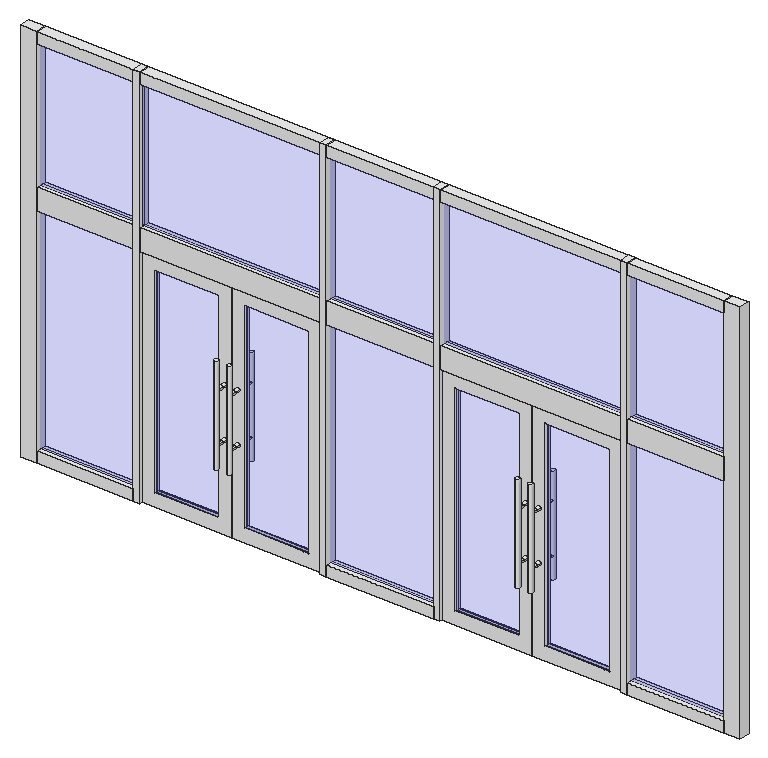
Revit family
Parameters (values of type "방풍실 문")
  핸들 = 상자 핸들
  프레임 = ""
  2프레임 = 상자 프레임
  모서리 = 상자 모서리
  철물 = ""
  Assembly Code = ""
  유리/마감 = ""
  유리 = 상자 유리
  위치/개소 = ""
  부호 = "2/AD"
  문번호 = "2"
  문기호 = "AD"
Reference planes
  plane 1 "중심(앞/뒤)": y = -217
  plane 2: z = 0
  plane 3 "중심(왼쪽/오른쪽)": x = 96.47
  plane 4: y = 1386
  plane 5: y = -138.847
  plane 6: y = -295.153
  plane 7: x = 3446.47
  plane 8: x = -3253.53
  plane 9: z = 100
  plane 10: z = 2100
  plane 11: z = 2300
  plane 12: z = 3500
  plane 13: z = 3600
  plane 14: x = 3296.47
  plane 15: y = -267
  plane 16: y = -167
  plane 17: y = -229.5
  plane 18: y = -204.5
  plane 19: x = -3103.53
  plane 20: x = 2336.47
  plane 21: x = 656.47
  plane 22: x = -2143.53
  plane 23: x = -463.53
  plane 24: x = 3371.47
  plane 25: x = -3178.53
  plane 26: x = -403.951
  plane 27: x = -1303.53
  plane 28: x = -1243.53
  plane 29: x = -1363.53
  plane 30: z = -300
  plane 31: z = 600.009
  plane 32: z = 1500.009
  plane 33: x = -2203.53
  plane 34: x = 596.461
  plane 35: x = 2396.47
  plane 36: x = 1496.615
Forms (mm)
  Extrusion 1, solid, material "상자 프레임" <- "2프레임"
    sketch origin (298.47, -1620.377, 0) x (0, -1, 0) y (1, 0, 0)
      loop
        line (-1453.377, 2998) -> (-1353.377, 2998) -> (-1353.377, 3148) -> (-1453.377, 3148) -> (-1453.377, 2998)
      loop
        line (-1453.377, 297.991) -> (-1353.377, 297.991) -> (-1353.377, 358) -> (-1453.377, 358) -> (-1453.377, 297.991)
      loop
        line (-1453.377, 2038) -> (-1353.377, 2038) -> (-1353.377, 2098) -> (-1453.377, 2098) -> (-1453.377, 2038)
    from 0 to 3600
  Extrusion 2, solid, material "상자 프레임" <- "2프레임"
    sketch origin (313.47, -1620.377, 0) x (0, -1, 0) y (1, 0, 0)
      loop
        line (-1453.377, 2983) -> (-1453.377, 2083) -> (-1353.377, 2083) -> (-1353.377, 2983) -> (-1453.377, 2983)
      loop
        line (-1453.377, -717.421) -> (-1353.377, -717.421) -> (-1353.377, 282.991) -> (-1453.377, 282.991) -> (-1453.377, -717.421)
    from 0 to 100
  Extrusion 3, solid, material "상자 프레임" <- "2프레임"
    sketch origin (313.47, -1620.377, 0) x (0, -1, 0) y (1, 0, 0)
      loop
        line (-1453.377, 2983) -> (-1453.377, -3417) -> (-1353.377, -3417) -> (-1353.377, 2983) -> (-1453.377, 2983)
    from 2100 to 2300
  Extrusion 4, solid, material "상자 프레임" <- "2프레임"
    sketch origin (313.47, -1620.377, -600) x (0, -1, 0) y (1, 0, 0)
      loop
        line (-1453.377, 2983) -> (-1453.377, -3417) -> (-1353.377, -3417) -> (-1353.377, 2983) -> (-1453.377, 2983)
    from 4100 to 4200
  Extrusion 5, solid, material "상자 유리" <- "유리"
    sketch origin (313.47, -1620.377, 0) x (0, -1, 0) y (1, 0, 0)
      loop
        line (-1415.877, 2083) -> (-1390.877, 2083) -> (-1390.877, 2983) -> (-1415.877, 2983) -> (-1415.877, 2083)
      loop
        line (-1415.877, -717.421) -> (-1390.877, -717.421) -> (-1390.877, 282.991) -> (-1415.877, 282.991) -> (-1415.877, -717.421)
    from 100 to 2100
  Extrusion 6, solid, material "상자 유리" <- "유리"
    sketch origin (-606.53, -1620.377, 0) x (0, -1, 0) y (1, 0, 0)
      loop
        line (-1415.877, 1263) -> (-1390.877, 1263) -> (-1390.877, 2103.145) -> (-1415.877, 2103.145) -> (-1415.877, 1263)
    from 0 to 2100
  Extrusion 7, solid, material "상자 유리" <- "유리"
    sketch origin (263.615, -1620.377, 0) x (0, -1, 0) y (1, 0, 0)
      loop
        line (-1415.877, 1233) -> (-1390.877, 1233) -> (-1390.877, 2073.145) -> (-1415.877, 2073.145) -> (-1415.877, 1233)
    from 0 to 2100
  Extrusion 8, solid, material "상자 유리" <- "유리"
    sketch origin (313.47, -1620.377, 0) x (0, -1, 0) y (1, 0, 0)
      loop
        line (-1415.877, 2083) -> (-1390.877, 2083) -> (-1390.877, 2983) -> (-1415.877, 2983) -> (-1415.877, 2083)
      loop
        line (-1415.877, 343) -> (-1390.877, 343) -> (-1390.877, 2023) -> (-1415.877, 2023) -> (-1415.877, 343)
      loop
        line (-1415.877, -717.421) -> (-1390.877, -717.421) -> (-1390.877, 282.991) -> (-1415.877, 282.991) -> (-1415.877, -717.421)
    from 2300 to 3500
  Extrusion 9, solid, material "상자 핸들" <- "핸들"
    sketch origin (4139.284, -292, 34.492) x (-1, 0, 0) y (0, 0, -1)
      loop
        circle (2577.69, -760.508) r 15
    from -47.5 to 0
  Extrusion 10, solid, material "상자 핸들" <- "핸들"
    sketch origin (4017.595, -292, 34.492) x (-1, 0, 0) y (0, 0, -1)
      loop
        circle (2577.69, -760.508) r 15
    from -47.5 to 0
  Sweep 11, solid, material "상자 모서리" <- "모서리"
    path origin (1768.47, -229.5, 0) x (1, 0, 0) y (0, 0, 1)
      loop
        line (-1112, 0) -> (-271.855, 0) -> (-271.855, 2100) -> (-1112, 2100) -> (-1112, 0)
    profile origin (656.47, -229.5, 1050) x (-1, 0, 0) y (0, -1, 0)
      loop
        line (0, 0) -> (0, 15) -> (-120, 15) -> (-120, 0) -> (0, 0)
  Sweep 12, solid, material "상자 모서리" <- "모서리"
    path origin (863.47, -189.5, 0) x (1, 0, 0) y (0, 0, 1)
      loop
        line (-207, 0) -> (633.145, 0) -> (633.145, 2100) -> (-207, 2100) -> (-207, 0)
    profile origin (656.47, -189.5, 1050) x (-1, 0, 0) y (0, -1, 0)
      loop
        line (0, 0) -> (0, 15) -> (-120, 15) -> (-120, 0) -> (0, 0)
  Sweep 13, solid, material "상자 모서리" <- "모서리"
    path origin (1763.615, -189.5, 0) x (1, 0, 0) y (0, 0, 1)
      loop
        line (-267, 0) -> (573.145, 0) -> (573.145, 2100) -> (-267, 2100) -> (-267, 0)
    profile origin (1496.615, -189.5, 1050) x (-1, 0, 0) y (0, -1, 0)
      loop
        line (0, 0) -> (0, 15) -> (-120, 15) -> (-120, 0) -> (0, 0)
  Sweep 14, solid, material "상자 모서리" <- "모서리"
    path origin (1763.615, -229.5, 0) x (1, 0, 0) y (0, 0, 1)
      loop
        line (-267, 0) -> (573.145, 0) -> (573.145, 2100) -> (-267, 2100) -> (-267, 0)
    profile origin (1496.615, -229.5, 1050) x (-1, 0, 0) y (0, -1, 0)
      loop
        line (0, 0) -> (0, 15) -> (-120, 15) -> (-120, 0) -> (0, 0)
  Blend 15, solid, material "상자 핸들" <- "핸들"
    base sketch origin (4045.905, -292, -1440) x (-1, 0, 0) y (0, 0, -1)
      loop
        circle (2606, -2235) r 15
    top sketch origin (4045.905, -292, -1440) x (-1, 0, 0) y (0, 0, -1)
      loop
        circle (2606, -2235) r 10
    from 0 to 40
  Blend 16, solid, material "상자 핸들" <- "핸들"
    base sketch origin (4167.595, -292, -1440) x (-1, 0, 0) y (0, 0, -1)
      loop
        circle (2606, -2235) r 15
    top sketch origin (4167.595, -292, -1440) x (-1, 0, 0) y (0, 0, -1)
      loop
        circle (2606, -2235) r 10
    from 0 to 40
  Extrusion 17, solid, material "상자 핸들" <- "핸들"
    sketch origin (5139.284, -142, 774.492) x (-1, 0, 0) y (0, 0, 1)
      loop
        circle (3577.69, 480.508) r 15
    from -47.5 to 0
  Extrusion 18, solid, material "상자 핸들" <- "핸들"
    sketch origin (5017.595, -142, 774.492) x (-1, 0, 0) y (0, 0, 1)
      loop
        circle (3577.69, 480.508) r 15
    from -47.5 to 0
  Blend 19, solid, material "상자 핸들" <- "핸들"
    base sketch origin (5167.595, -142, -700) x (-1, 0, 0) y (0, 0, 1)
      loop
        circle (3606, 1955) r 15
    top sketch origin (5167.595, -142, -700) x (-1, 0, 0) y (0, 0, 1)
      loop
        circle (3606, 1955) r 10
    from 0 to 40
  Blend 20, solid, material "상자 핸들" <- "핸들"
    base sketch origin (5045.905, -142, -700) x (-1, 0, 0) y (0, 0, 1)
      loop
        circle (3606, 1955) r 15
    top sketch origin (5045.905, -142, -700) x (-1, 0, 0) y (0, 0, 1)
      loop
        circle (3606, 1955) r 10
    from 0 to 40
  Extrusion 21, solid, material "상자 핸들" <- "핸들"
    sketch origin (5139.284, -142, 34.492) x (-1, 0, 0) y (0, 0, 1)
      loop
        circle (3577.69, 760.508) r 15
    from -47.5 to 0
  Extrusion 22, solid, material "상자 핸들" <- "핸들"
    sketch origin (5017.595, -142, 34.492) x (-1, 0, 0) y (0, 0, 1)
      loop
        circle (3577.69, 760.508) r 15
    from -47.5 to 0
  Blend 23, solid, material "상자 핸들" <- "핸들"
    base sketch origin (5045.905, -142, -1440) x (-1, 0, 0) y (0, 0, 1)
      loop
        circle (3606, 2235) r 15
    top sketch origin (5045.905, -142, -1440) x (-1, 0, 0) y (0, 0, 1)
      loop
        circle (3606, 2235) r 10
    from 0 to 40
  Blend 24, solid, material "상자 핸들" <- "핸들"
    base sketch origin (5167.595, -142, -1440) x (-1, 0, 0) y (0, 0, 1)
      loop
        circle (3606, 2235) r 15
    top sketch origin (5167.595, -142, -1440) x (-1, 0, 0) y (0, 0, 1)
      loop
        circle (3606, 2235) r 10
    from 0 to 40
  Extrusion 25, solid, material "상자 프레임" <- "2프레임"
    sketch origin (328.47, -1620.377, 0) x (0, -1, 0) y (1, 0, 0)
      loop
        line (-1453.377, -3432) -> (-1453.377, -3582) -> (-1353.377, -3582) -> (-1353.377, -3432) -> (-1453.377, -3432)
      loop
        line (-1453.377, -2472) -> (-1453.377, -2532) -> (-1353.377, -2532) -> (-1353.377, -2472) -> (-1453.377, -2472)
      loop
        line (-1453.377, -732.421) -> (-1453.377, -792) -> (-1353.377, -792) -> (-1353.377, -732.421) -> (-1453.377, -732.421)
    from 0 to 3600
  Extrusion 26, solid, material "상자 프레임" <- "2프레임"
    sketch origin (313.47, -1620.377, 0) x (0, -1, 0) y (1, 0, 0)
      loop
        line (-1453.377, -3417) -> (-1353.377, -3417) -> (-1353.377, -2517) -> (-1453.377, -2517) -> (-1453.377, -3417)
    from 0 to 100
  Extrusion 27, solid, material "상자 유리" <- "유리"
    sketch origin (313.47, -1620.377, 0) x (0, -1, 0) y (1, 0, 0)
      loop
        line (-1415.877, -2517) -> (-1415.877, -3417) -> (-1390.877, -3417) -> (-1390.877, -2517) -> (-1415.877, -2517)
    from 100 to 2100
  Extrusion 28, solid, material "상자 유리" <- "유리"
    sketch origin (833.765, -1620.377, 0) x (0, -1, 0) y (1, 0, 0)
      loop
        line (-1415.877, -1297) -> (-1415.877, -2137.295) -> (-1390.877, -2137.295) -> (-1390.877, -1297) -> (-1415.877, -1297)
    from 0 to 2100
  Extrusion 29, solid, material "상자 유리" <- "유리"
    sketch origin (-36.38, -1620.377, 0) x (0, -1, 0) y (1, 0, 0)
      loop
        line (-1415.877, -1267.15) -> (-1415.877, -2107.145) -> (-1390.877, -2107.145) -> (-1390.877, -1267.15) -> (-1415.877, -1267.15)
    from 0 to 2100
  Extrusion 30, solid, material "상자 유리" <- "유리"
    sketch origin (313.47, -1620.377, 0) x (0, -1, 0) y (1, 0, 0)
      loop
        line (-1415.877, -2517) -> (-1415.877, -3417) -> (-1390.877, -3417) -> (-1390.877, -2517) -> (-1415.877, -2517)
      loop
        line (-1415.877, -776.705) -> (-1415.877, -2456.995) -> (-1390.877, -2456.995) -> (-1390.877, -776.705) -> (-1415.877, -776.705)
    from 2300 to 3500
  Extrusion 31, solid, material "상자 핸들" <- "핸들"
    sketch origin (-5098.22, -292, -34.492) x (1, 0, 0) y (0, 0, 1)
      loop
        circle (3733.54, 829.492) r 15
    from -47.5 to 0
  Extrusion 32, solid, material "상자 핸들" <- "핸들"
    sketch origin (-5098.22, -292, -2174.492) x (1, 0, 0) y (0, 0, 1)
      loop
        circle (3733.54, 3429.492) r 15
    from -47.5 to 0
  Extrusion 33, solid, material "상자 핸들" <- "핸들"
    sketch origin (-4976.53, -292, -34.492) x (1, 0, 0) y (0, 0, 1)
      loop
        circle (3733.055, 829.492) r 15
    from -47.5 to 0
  Extrusion 34, solid, material "상자 핸들" <- "핸들"
    sketch origin (-4976.53, -292, -2174.492) x (1, 0, 0) y (0, 0, 1)
      loop
        circle (3733.055, 3429.492) r 15
    from -47.5 to 0
  Sweep 35, solid, material "상자 모서리" <- "모서리"
    path origin (-85.94, -229.5, 0) x (-1, 0, 0) y (0, 0, -1)
      loop
        line (377.295, 0) -> (377.295, -2100) -> (1217.59, -2100) -> (1217.59, 0) -> (377.295, 0)
    profile origin (-463.235, -229.5, 1050) x (-1, 0, 0) y (0, -1, 0)
      loop
        line (0, 0) -> (120, 0) -> (120, 15) -> (0, 15) -> (0, 0)
  Sweep 36, solid, material "상자 모서리" <- "모서리"
    path origin (-636.235, -189.5, 0) x (-1, 0, 0) y (0, 0, -1)
      loop
        line (-173, 0) -> (-173, -2100) -> (667.295, -2100) -> (667.295, 0) -> (-173, 0)
    profile origin (-463.235, -189.5, 1050) x (-1, 0, 0) y (0, -1, 0)
      loop
        line (0, 0) -> (120, 0) -> (120, 15) -> (0, 15) -> (0, 0)
  Sweep 37, solid, material "상자 모서리" <- "모서리"
    path origin (-1536.38, -189.5, 0) x (-1, 0, 0) y (0, 0, -1)
      loop
        line (-232.85, 0) -> (-232.85, -2100) -> (607.145, -2100) -> (607.145, 0) -> (-232.85, 0)
    profile origin (-1303.53, -189.5, 1050) x (-1, 0, 0) y (0, -1, 0)
      loop
        line (0, 0) -> (120, 0) -> (120, 15) -> (0, 15) -> (0, 0)
  Sweep 38, solid, material "상자 모서리" <- "모서리"
    path origin (-1536.38, -229.5, 0) x (-1, 0, 0) y (0, 0, -1)
      loop
        line (-232.85, 0) -> (-232.85, -2100) -> (607.145, -2100) -> (607.145, 0) -> (-232.85, 0)
    profile origin (-1303.53, -229.5, 1050) x (-1, 0, 0) y (0, -1, 0)
      loop
        line (0, 0) -> (120, 0) -> (120, 15) -> (0, 15) -> (0, 0)
  Blend 39, solid, material "상자 핸들" <- "핸들"
    base sketch origin (-5126.53, -292, -700) x (1, 0, 0) y (0, 0, 1)
      loop
        circle (3761.85, 1955) r 15
    top sketch origin (-5126.53, -292, -700) x (1, 0, 0) y (0, 0, 1)
      loop
        circle (3761.85, 1955) r 10
    from 0 to 40
  Blend 40, solid, material "상자 핸들" <- "핸들"
    base sketch origin (-5004.84, -292, -700) x (1, 0, 0) y (0, 0, 1)
      loop
        circle (3761.366, 1955) r 15
    top sketch origin (-5004.84, -292, -700) x (1, 0, 0) y (0, 0, 1)
      loop
        circle (3761.366, 1955) r 10
    from 0 to 40
  Blend 41, solid, material "상자 핸들" <- "핸들"
    base sketch origin (-5004.84, -292, 1440) x (1, 0, 0) y (0, 0, 1)
      loop
        circle (3761.366, -645) r 15
    top sketch origin (-5004.84, -292, 1440) x (1, 0, 0) y (0, 0, 1)
      loop
        circle (3761.366, -645) r 10
    from 0 to 40
  Blend 42, solid, material "상자 핸들" <- "핸들"
    base sketch origin (-5126.53, -292, 1440) x (1, 0, 0) y (0, 0, 1)
      loop
        circle (3761.85, -645) r 15
    top sketch origin (-5126.53, -292, 1440) x (1, 0, 0) y (0, 0, 1)
      loop
        circle (3761.85, -645) r 10
    from 0 to 40
  Extrusion 43, solid, material "상자 핸들" <- "핸들"
    sketch origin (-4698.22, -142, 774.492) x (1, 0, 0) y (0, 0, -1)
      loop
        circle (3333.54, -480.508) r 15
    from -47.5 to 0
  Extrusion 44, solid, material "상자 핸들" <- "핸들"
    sketch origin (-4576.53, -142, 774.492) x (1, 0, 0) y (0, 0, -1)
      loop
        circle (3333.055, -480.508) r 15
    from -47.5 to 0
  Blend 45, solid, material "상자 핸들" <- "핸들"
    base sketch origin (-4726.53, -142, -700) x (1, 0, 0) y (0, 0, -1)
      loop
        circle (3361.85, -1955) r 15
    top sketch origin (-4726.53, -142, -700) x (1, 0, 0) y (0, 0, -1)
      loop
        circle (3361.85, -1955) r 10
    from 0 to 40
  Blend 46, solid, material "상자 핸들" <- "핸들"
    base sketch origin (-4604.84, -142, -700) x (1, 0, 0) y (0, 0, -1)
      loop
        circle (3361.366, -1955) r 15
    top sketch origin (-4604.84, -142, -700) x (1, 0, 0) y (0, 0, -1)
      loop
        circle (3361.366, -1955) r 10
    from 0 to 40
  Extrusion 47, solid, material "상자 핸들" <- "핸들"
    sketch origin (-4698.22, -142, 34.492) x (1, 0, 0) y (0, 0, -1)
      loop
        circle (3333.54, -760.508) r 15
    from -47.5 to 0
  Extrusion 48, solid, material "상자 핸들" <- "핸들"
    sketch origin (-4576.53, -142, 34.492) x (1, 0, 0) y (0, 0, -1)
      loop
        circle (3333.055, -760.508) r 15
    from -47.5 to 0
  Blend 49, solid, material "상자 핸들" <- "핸들"
    base sketch origin (-4604.84, -142, -1440) x (1, 0, 0) y (0, 0, -1)
      loop
        circle (3361.366, -2235) r 15
    top sketch origin (-4604.84, -142, -1440) x (1, 0, 0) y (0, 0, -1)
      loop
        circle (3361.366, -2235) r 10
    from 0 to 40
  Blend 50, solid, material "상자 핸들" <- "핸들"
    base sketch origin (-4726.53, -142, -1440) x (1, 0, 0) y (0, 0, -1)
      loop
        circle (3361.85, -2235) r 15
    top sketch origin (-4726.53, -142, -1440) x (1, 0, 0) y (0, 0, -1)
      loop
        circle (3361.85, -2235) r 10
    from 0 to 40
  Extrusion 51, solid, material "상자 핸들" <- "핸들"
    sketch origin (5139.284, -292, 774.492) x (-1, 0, 0) y (0, 0, -1)
      loop
        circle (3577.69, -480.508) r 15
    from -47.5 to 0
  Extrusion 52, solid, material "상자 핸들" <- "핸들"
    sketch origin (5017.595, -292, 774.492) x (-1, 0, 0) y (0, 0, -1)
      loop
        circle (3577.69, -480.508) r 15
    from -47.5 to 0
  Blend 53, solid, material "상자 핸들" <- "핸들"
    base sketch origin (5167.595, -292, -700) x (-1, 0, 0) y (0, 0, -1)
      loop
        circle (3606, -1955) r 15
    top sketch origin (5167.595, -292, -700) x (-1, 0, 0) y (0, 0, -1)
      loop
        circle (3606, -1955) r 10
    from 0 to 40
  Blend 54, solid, material "상자 핸들" <- "핸들"
    base sketch origin (5045.905, -292, -700) x (-1, 0, 0) y (0, 0, -1)
      loop
        circle (3606, -1955) r 15
    top sketch origin (5045.905, -292, -700) x (-1, 0, 0) y (0, 0, -1)
      loop
        circle (3606, -1955) r 10
    from 0 to 40
  Extrusion 55, solid, material "상자 핸들" <- "핸들"
    sketch origin (313.47, -140.6, 0) x (0, -1, 0) y (1, 0, 0)
      loop
        circle (204.022, 1248.467) r 20
    from 600.009 to 1500.009
  Extrusion 56, solid, material "상자 핸들" <- "핸들"
    sketch origin (313.47, -291.752, 0) x (0, 1, 0) y (-1, 0, 0)
      loop
        circle (204.022, -1248.467) r 20
    from 600.009 to 1500.009
  Extrusion 57, solid, material "상자 핸들" <- "핸들"
    sketch origin (2788.51, -140.6, 0) x (0, -1, 0) y (1, 0, 0)
      loop
        circle (204.022, -1348.467) r 20
    from 600.009 to 1500.009
  Extrusion 58, solid, material "상자 핸들" <- "핸들"
    sketch origin (2788.51, -291.752, 0) x (0, 1, 0) y (-1, 0, 0)
      loop
        circle (204.022, 1348.467) r 20
    from 600.009 to 1500.009
  Extrusion 59, solid, material "상자 핸들" <- "핸들"
    sketch origin (-118.03, -140.6, 0) x (0, -1, 0) y (1, 0, 0)
      loop
        circle (204.022, -1248.467) r 20
    from 600.009 to 1500.009
  Extrusion 60, solid, material "상자 핸들" <- "핸들"
    sketch origin (-118.03, -291.752, 0) x (0, 1, 0) y (-1, 0, 0)
      loop
        circle (204.022, 1248.467) r 20
    from 600.009 to 1500.009
  Extrusion 61, solid, material "상자 핸들" <- "핸들"
    sketch origin (-2593.069, -140.6, 0) x (0, -1, 0) y (1, 0, 0)
      loop
        circle (204.022, 1348.467) r 20
    from 600.009 to 1500.009
  Extrusion 62, solid, material "상자 핸들" <- "핸들"
    sketch origin (-2593.069, -291.752, 0) x (0, 1, 0) y (-1, 0, 0)
      loop
        circle (204.022, -1348.467) r 20
    from 600.009 to 1500.009
Cuts and joins
  joined: Extrusion 10, Blend 15
  joined: Extrusion 1, Extrusion 25
Lines and regions (mm)
  symbolic lines
    curve 1: line (3746.47, 1386, 3600) -> (-3553.53, 1386, 3600)
    curve 2: line (-3248.53, 1386, 3595) -> (-3248.53, 1386, 5)
    curve 3: line (3451.47, 1386, 0) -> (3451.47, 1386, 3605)
    curve 4: line (3441.47, 1386, 5) -> (-3248.53, 1386, 5)
    curve 5: line (3451.47, 1386, 3605) -> (-3258.53, 1386, 3605)
    curve 6: line (3441.47, 1386, 3595) -> (-3248.53, 1386, 3595)
    curve 7: line (-3253.53, 1386, 3900) -> (-3253.53, 1386, -300)
    curve 8: line (-3258.53, 1386, 3605) -> (-3258.53, 1386, 0)
    curve 9: line (3746.47, 1386, 0) -> (-3553.53, 1386, 0)
    curve 10: line (3446.47, 1386, -300) -> (3446.47, 1386, 3900)
    curve 11: line (3441.47, 1386, 5) -> (3441.47, 1386, 3595)
    curve 12: line (-2143.53, -217, 0) -> (-2143.53, 623, 0)
    curve 13: line (-2143.53, 623, 0) -> (-2093.53, 623, 0)
    curve 14: line (-2093.53, 623, 0) -> (-2093.53, -217, 0)
    curve 15: arc (-2093.53, 623, 0) -> (-1531.627, 359.968, 0) -> (-1303.53, -217, 0) r 840
    curve 16: line (-2143.53, -217, 0) -> (-2143.53, -1057, 0)
    curve 17: line (-2143.53, -1057, 0) -> (-2093.53, -1057, 0)
    curve 18: line (-2093.53, -1057, 0) -> (-2093.53, -217, 0)
    curve 19: arc (-2093.53, -1057, 0) -> (-1531.627, -793.968, 0) -> (-1303.53, -217, 0) r 840
    curve 20: line (-463.53, -217, 0) -> (-463.53, 623, 0)
    curve 21: line (-463.53, 623, 0) -> (-513.53, 623, 0)
    curve 22: line (-513.53, 623, 0) -> (-513.53, -217, 0)
    curve 23: arc (-513.53, 623, 0) -> (-1075.433, 359.968, 0) -> (-1303.53, -217, 0) r 840
    curve 24: line (-463.53, -217, 0) -> (-463.53, -1057, 0)
    curve 25: line (-463.53, -1057, 0) -> (-513.53, -1057, 0)
    curve 26: line (-513.53, -1057, 0) -> (-513.53, -217, 0)
    curve 27: arc (-513.53, -1057, 0) -> (-1075.433, -793.968, 0) -> (-1303.53, -217, 0) r 840
    curve 28: line (2336.47, -217, 0) -> (2336.47, 623, 0)
    curve 29: line (2336.47, 623, 0) -> (2286.47, 623, 0)
    curve 30: line (2286.47, 623, 0) -> (2286.47, -217, 0)
    curve 31: arc (2286.47, 623, 0) -> (1724.567, 359.968, 0) -> (1496.47, -217, 0) r 840
    curve 32: line (2336.47, -217, 0) -> (2336.47, -1057, 0)
    curve 33: line (2336.47, -1057, 0) -> (2286.47, -1057, 0)
    curve 34: line (2286.47, -1057, 0) -> (2286.47, -217, 0)
    curve 35: arc (2286.47, -1057, 0) -> (1724.567, -793.968, 0) -> (1496.47, -217, 0) r 840
    curve 36: line (656.47, -217, 0) -> (656.47, 623, 0)
    curve 37: line (656.47, 623, 0) -> (706.47, 623, 0)
    curve 38: line (706.47, 623, 0) -> (706.47, -217, 0)
    curve 39: arc (706.47, 623, 0) -> (1268.373, 359.968, 0) -> (1496.47, -217, 0) r 840
    curve 40: line (656.47, -217, 0) -> (656.47, -1057, 0)
    curve 41: line (656.47, -1057, 0) -> (706.47, -1057, 0)
    curve 42: line (706.47, -1057, 0) -> (706.47, -217, 0)
    curve 43: arc (706.47, -1057, 0) -> (1268.373, -793.968, 0) -> (1496.47, -217, 0) r 840
Dimensions and locks
  plane 9 to plane 2 = 100 mm
  plane 10 to plane 2 = 2100 mm
  plane 11 to plane 2 = 2300 mm  (x2)
  plane 12 to plane 2 = 3500 mm
  plane 13 to plane 2 = 3600 mm
  locked: plane 8 to plane 19 at 150
  equal spacing: plane 8, plane 25, plane 19
  locked: plane 14 to plane 7 at 150
  equal spacing: plane 14, plane 24, plane 7
  locked: plane 23 to plane 26 at 59.579
  plane 29 to plane 27 to plane 28 = 60 mm locked, 60 mm locked
  locked: curve 9 to curve 4 at 5
  curve 3 to curve 10 to curve 11 = 5 mm locked, 5 mm locked
  curve 6 to curve 1 to curve 5 = 5 mm locked, 5 mm locked
  curve 2 to curve 7 to curve 8 = 5 mm locked, 5 mm locked
  locked: cut or joined group of Extrusion 1, Extrusion 25 to curve 9 at 300
  locked: curve 7 to curve 1 at 300
  locked: curve 1 to curve 10 at 300
  locked: curve 9 to curve 10 at 300
  plane 12 to plane 13 = 100 mm
  locked: cut or joined group of Extrusion 1, Extrusion 25 to plane 21 at 60.009
  plane 13 to plane 11 = 1300 mm
  cut or joined group of Extrusion 1, Extrusion 25 to cut or joined group of Extrusion 1, Extrusion 25 = 150 mm  (x2)
  curve 7 to curve 1 = 300 mm
  locked: curve 10 to curve 1 at 300
  plane 32 to plane 31 to plane 2 = 900 mm, 600.009 mm
  plane 8 to plane 33 = 1050 mm
  plane 33 to plane 26 = 1799.579 mm
  plane 26 to plane 34 = 1000.412 mm
  plane 34 to plane 35 = 1800.009 mm
  plane 35 to plane 7 = 1050 mm
  plane 8 to plane 7 = 6700 mm
  plane 33 to plane 27 to plane 26 = 900 mm, 899.579 mm
  locked: plane 16 to plane 5 at 28.153
  locked: plane 6 to plane 15 at 28.153
  plane 17 to plane 1 "중심(앞/뒤)" to plane 18 = 12.5 mm locked, 12.5 mm locked
  plane 15 to plane 1 "중심(앞/뒤)" to plane 16 = 50 mm, 50 mm
  plane 13 to plane 10 = 1500 mm
  plane 34 to plane 36 to plane 35 = 900.154 mm, 899.855 mm
  aligned and locked: Extrusion 1 to plane 15
  aligned and locked: Extrusion 1 to plane 14
  aligned and locked: Extrusion 25 to Extrusion 26
  aligned and locked: Extrusion 27 to Extrusion 30
  aligned and locked: Extrusion 3 to Extrusion 4
  aligned and locked: Sweep 36 to plane 27
  aligned and locked: Sweep 38 to plane 27
  aligned and locked: Sweep 35 to plane 27
  aligned and locked: Extrusion 29 to plane 27
  aligned and locked: plane 27 to Extrusion 28
  aligned and locked: Sweep 37 to plane 27  (x2)
  aligned and locked: Extrusion 30 to plane 12
  aligned and locked: Extrusion 8 to plane 12
  aligned and locked: cut or joined group of Extrusion 1, Extrusion 25 to plane 7
  aligned and locked: plane 7 to curve 10
  aligned and locked: cut or joined group of Extrusion 1, Extrusion 25 to plane 8
  aligned and locked: curve 7 to plane 8
  aligned and locked: Extrusion 5 to cut or joined group of Extrusion 1, Extrusion 25
  aligned and locked: Extrusion 8 to cut or joined group of Extrusion 1, Extrusion 25
  aligned and locked: Extrusion 5 to Extrusion 2
  aligned and locked: Extrusion 2 to plane 14
  aligned and locked: Extrusion 2 to Extrusion 5
  aligned and locked: plane 19 to Extrusion 26
  aligned and locked: Extrusion 4 to Extrusion 30
  aligned and locked: Extrusion 4 to plane 13
  aligned and locked: Extrusion 8 to Extrusion 4
  aligned and locked: Extrusion 5 to Extrusion 3
  aligned and locked: Extrusion 25 to plane 13
  aligned and locked: plane 31 to Extrusion 59
  aligned and locked: plane 32 to Extrusion 59
  aligned and locked: plane 32 to Extrusion 61
  aligned and locked: plane 32 to Extrusion 62
  aligned and locked: plane 32 to Extrusion 60
  aligned and locked: plane 32 to Extrusion 55
  aligned and locked: plane 32 to Extrusion 56
  aligned and locked: plane 32 to Extrusion 57
  aligned and locked: plane 32 to Extrusion 58
  aligned and locked: cut or joined group of Extrusion 1, Extrusion 25 to plane 13
  aligned and locked: plane 10 to Extrusion 3
  aligned and locked: Sweep 38 to plane 10
  aligned and locked: Extrusion 29 to plane 10
  aligned and locked: Sweep 35 to plane 10
  aligned and locked: Extrusion 28 to plane 10
  aligned and locked: Sweep 36 to plane 10
  aligned and locked: Extrusion 3 to plane 10  (x3)
  aligned and locked: Sweep 11 to plane 10
  aligned and locked: Extrusion 6 to plane 10
  aligned and locked: Extrusion 5 to plane 10
  aligned and locked: Extrusion 27 to plane 10
  aligned and locked: Sweep 12 to plane 10
  aligned and locked: Sweep 14 to plane 10
  aligned and locked: Extrusion 7 to plane 10
  aligned and locked: Sweep 13 to plane 10
  aligned and locked: Sweep 37 to plane 10
  aligned and locked: Extrusion 3 to plane 11
  aligned and locked: plane 11 to Extrusion 30
  aligned and locked: plane 11 to Extrusion 8
  aligned and locked: plane 33 to Extrusion 26
  aligned and locked: plane 34 to Extrusion 5
  aligned and locked: plane 35 to Extrusion 5
  aligned and locked: cut or joined group of Extrusion 1, Extrusion 25 to plane 20
  aligned and locked: cut or joined group of Extrusion 1, Extrusion 25 to plane 35
  aligned and locked: cut or joined group of Extrusion 1, Extrusion 25 to plane 21
  aligned and locked: Extrusion 26 to plane 9
  aligned and locked: Extrusion 2 to plane 9
  aligned and locked: Extrusion 27 to Extrusion 26
  aligned and locked: plane 9 to Extrusion 5
  aligned and locked: plane 15 to Extrusion 1 sketch curve  (x2)
  aligned and locked: Extrusion 1 sketch curve to plane 16  (x3)
Automatic sketch dimensions
  curve 12 to plane 22 = 0 mm
  curve 14 to plane 1 "중심(앞/뒤)" = 0 mm
  curve 15 to plane 1 "중심(앞/뒤)" = 0 mm
  curve 15 to plane 27 = 0 mm
  curve 22 to plane 1 "중심(앞/뒤)" = 0 mm
  curve 24 to plane 23 = 0 mm
  curve 36 to plane 21 = 0 mm
  curve 38 to plane 1 "중심(앞/뒤)" = 0 mm
  curve 35 to plane 1 "중심(앞/뒤)" = 0 mm
  curve 34 to plane 1 "중심(앞/뒤)" = 0 mm
  curve 33 to plane 20 = 0 mm
  curve 24 to plane 1 "중심(앞/뒤)" = 0 mm
  curve 36 to plane 1 "중심(앞/뒤)" = 0 mm
  curve 16 to plane 1 "중심(앞/뒤)" = 0 mm
  curve 28 to plane 1 "중심(앞/뒤)" = 0 mm
  curve 15 to plane 22 = 0.001 mm
  curve 19 to plane 22 = 0.001 mm
  curve 14 to plane 22 = 50 mm
  plane 23 to curve 27 = 50 mm
  plane 23 to curve 23 = 0.001 mm
  plane 23 to curve 27 = 0.001 mm
  curve 39 to plane 21 = 0.001 mm
  curve 43 to plane 21 = 0.001 mm
  curve 36 to curve 38 = 50 mm
  plane 36 to curve 35 = 0.145 mm
  curve 35 to plane 20 = 50 mm
  curve 31 to plane 20 = 0.001 mm
  curve 35 to plane 20 = 0.001 mm
  plane 1 "중심(앞/뒤)" to curve 35 = 1.489 mm
  plane 1 "중심(앞/뒤)" to curve 19 = 1.489 mm
  plane 1 "중심(앞/뒤)" to curve 27 = 1.489 mm
  plane 1 "중심(앞/뒤)" to curve 43 = 1.489 mm
  Extrusion 1 sketch curve to plane 7 = 0 mm
  Extrusion 1 sketch curve to plane 15 = 0 mm
  Extrusion 1 sketch curve to plane 34 = 0 mm
  Extrusion 1 sketch curve to plane 21 = 0 mm
  Extrusion 1 sketch curve to plane 20 = 0 mm
  Extrusion 1 sketch curve to plane 35 = 0 mm
  Extrusion 1 sketch curve to plane 14 = 0 mm
  Extrusion 2 sketch curve to plane 14 = 0 mm
  Extrusion 2 sketch curve to plane 16 = 0 mm  (x2)
  Extrusion 2 sketch curve to plane 15 = 0 mm  (x2)
  Extrusion 2 sketch curve to plane 26 = 0 mm
  Extrusion 2 sketch curve to plane 34 = 0 mm
  Extrusion 2 sketch curve to plane 35 = 0 mm
  Extrusion 3 sketch curve to plane 16 = 0 mm
  Extrusion 3 sketch curve to plane 15 = 0 mm
  Extrusion 3 sketch curve to plane 19 = 0 mm
  Extrusion 3 sketch curve to plane 14 = 0 mm
  Extrusion 4 sketch curve to plane 16 = 0 mm
  Extrusion 4 sketch curve to plane 15 = 0 mm
  Extrusion 4 sketch curve to plane 19 = 0 mm
  Extrusion 4 sketch curve to plane 14 = 0 mm
  Extrusion 5 sketch curve to plane 18 = 0 mm  (x2)
  Extrusion 5 sketch curve to plane 17 = 0 mm  (x2)
  Extrusion 5 sketch curve to plane 26 = 0 mm
  Extrusion 5 sketch curve to plane 34 = 0 mm
  Extrusion 5 sketch curve to plane 35 = 0 mm
  Extrusion 5 sketch curve to plane 14 = 0 mm
  Extrusion 6 sketch curve to plane 18 = 0 mm
  Extrusion 6 sketch curve to plane 17 = 0 mm
  Extrusion 6 sketch curve to plane 21 = 0 mm
  Extrusion 6 sketch curve to plane 36 = 0 mm
  Extrusion 7 sketch curve to plane 18 = 0 mm
  Extrusion 7 sketch curve to plane 17 = 0 mm
  Extrusion 7 sketch curve to plane 36 = 0 mm
  plane 20 to Extrusion 7 sketch curve = 0.29 mm
  Extrusion 8 sketch curve to plane 18 = 0 mm  (x3)
  Extrusion 8 sketch curve to plane 17 = 0 mm  (x3)
  Extrusion 8 sketch curve to plane 14 = 0 mm
  Extrusion 8 sketch curve to plane 26 = 0 mm
  Extrusion 8 sketch curve to plane 34 = 0 mm
  Extrusion 8 sketch curve to plane 21 = 0 mm
  Extrusion 8 sketch curve to plane 20 = 0 mm
  Extrusion 8 sketch curve to plane 35 = 0 mm
  Extrusion 9 sketch curve to plane 36 = 64.98 mm
  plane 31 to Extrusion 9 sketch curve = 194.991 mm
  plane 36 to Extrusion 10 sketch curve = 56.71 mm
  plane 31 to Extrusion 10 sketch curve = 194.991 mm
  Sweep 11 sketch curve to plane 10 = 0 mm
  Sweep 11 sketch curve to plane 21 = 0 mm
  Sweep 11 sketch curve to level = 0 mm
  Sweep 11 sketch curve to plane 36 = 0 mm
  Sweep 11 sketch curve to profile plane = 0 mm  (x2)
  profile plane to Sweep 11 sketch curve = 15 mm
  Sweep 11 sketch curve to Sweep 11 sketch curve = 120 mm
  Sweep 12 sketch curve to plane 10 = 0 mm
  Sweep 12 sketch curve to plane 21 = 0 mm
  Sweep 12 sketch curve to level = 0 mm
  Sweep 12 sketch curve to plane 36 = 0 mm
  Sweep 12 sketch curve to profile plane = 0 mm  (x2)
  profile plane to Sweep 12 sketch curve = 15 mm
  Sweep 12 sketch curve to Sweep 12 sketch curve = 120 mm
  Sweep 13 sketch curve to plane 10 = 0 mm
  Sweep 13 sketch curve to plane 36 = 0 mm
  Sweep 13 sketch curve to level = 0 mm
  plane 20 to Sweep 13 sketch curve = 0.29 mm
  Sweep 13 sketch curve to profile plane = 0 mm  (x2)
  profile plane to Sweep 13 sketch curve = 15 mm
  Sweep 13 sketch curve to Sweep 13 sketch curve = 120 mm
  Sweep 14 sketch curve to plane 10 = 0 mm
  Sweep 14 sketch curve to plane 36 = 0 mm
  Sweep 14 sketch curve to level = 0 mm
  plane 20 to Sweep 14 sketch curve = 0.29 mm
  Sweep 14 sketch curve to profile plane = 0 mm  (x2)
  profile plane to Sweep 14 sketch curve = 15 mm
  Sweep 14 sketch curve to Sweep 14 sketch curve = 120 mm
  plane 36 to Blend 15 sketch curve = 56.71 mm  (x2)
  plane 31 to Blend 15 sketch curve = 194.991 mm  (x2)
  Blend 16 sketch curve to plane 36 = 64.98 mm  (x2)
  plane 31 to Blend 16 sketch curve = 194.991 mm  (x2)
  Extrusion 17 sketch curve to plane 36 = 64.98 mm
  Extrusion 17 sketch curve to plane 32 = 245.009 mm
  plane 36 to Extrusion 18 sketch curve = 56.71 mm
  Extrusion 18 sketch curve to plane 32 = 245.009 mm
  Blend 19 sketch curve to plane 36 = 64.98 mm  (x2)
  Blend 19 sketch curve to plane 32 = 245.009 mm  (x2)
  plane 36 to Blend 20 sketch curve = 56.71 mm  (x2)
  Blend 20 sketch curve to plane 32 = 245.009 mm  (x2)
  Extrusion 21 sketch curve to plane 36 = 64.98 mm
  plane 31 to Extrusion 21 sketch curve = 194.991 mm
  plane 36 to Extrusion 22 sketch curve = 56.71 mm
  plane 31 to Extrusion 22 sketch curve = 194.991 mm
  plane 36 to Blend 23 sketch curve = 56.71 mm  (x2)
  plane 31 to Blend 23 sketch curve = 194.991 mm  (x2)
  Blend 24 sketch curve to plane 36 = 64.98 mm  (x2)
  plane 31 to Blend 24 sketch curve = 194.991 mm  (x2)
  Extrusion 25 sketch curve to plane 16 = 0 mm  (x3)
  Extrusion 25 sketch curve to plane 15 = 0 mm  (x3)
  Extrusion 25 sketch curve to plane 8 = 0 mm
  Extrusion 25 sketch curve to plane 26 = 0 mm
  Extrusion 25 sketch curve to plane 23 = 0 mm
  Extrusion 25 sketch curve to plane 22 = 0 mm
  Extrusion 25 sketch curve to plane 33 = 0 mm
  Extrusion 25 sketch curve to plane 19 = 0 mm
  Extrusion 26 sketch curve to plane 16 = 0 mm
  Extrusion 26 sketch curve to plane 15 = 0 mm
  Extrusion 26 sketch curve to plane 33 = 0 mm
  Extrusion 26 sketch curve to plane 19 = 0 mm
  Extrusion 27 sketch curve to plane 18 = 0 mm
  Extrusion 27 sketch curve to plane 17 = 0 mm
  Extrusion 27 sketch curve to plane 33 = 0 mm
  Extrusion 27 sketch curve to plane 19 = 0 mm
  Extrusion 28 sketch curve to plane 18 = 0 mm
  Extrusion 28 sketch curve to plane 17 = 0 mm
  Extrusion 28 sketch curve to plane 27 = 0 mm
  plane 23 to Extrusion 28 sketch curve = 0.295 mm
  Extrusion 29 sketch curve to plane 18 = 0 mm
  Extrusion 29 sketch curve to plane 17 = 0 mm
  Extrusion 29 sketch curve to plane 27 = 0 mm
  plane 22 to Extrusion 29 sketch curve = 0.005 mm
  Extrusion 30 sketch curve to plane 18 = 0 mm  (x2)
  Extrusion 30 sketch curve to plane 17 = 0 mm  (x2)
  Extrusion 30 sketch curve to plane 33 = 0 mm
  Extrusion 30 sketch curve to plane 19 = 0 mm
  plane 22 to Extrusion 30 sketch curve = 0.005 mm
  plane 23 to Extrusion 30 sketch curve = 0.295 mm
  plane 29 to Extrusion 31 sketch curve = 1.15 mm
  plane 31 to Extrusion 31 sketch curve = 194.991 mm
  plane 29 to Extrusion 32 sketch curve = 1.15 mm
  Extrusion 32 sketch curve to plane 32 = 245.009 mm
  Extrusion 33 sketch curve to plane 28 = 0.055 mm
  plane 31 to Extrusion 33 sketch curve = 194.991 mm
  Extrusion 34 sketch curve to plane 28 = 0.055 mm
  Extrusion 34 sketch curve to plane 32 = 245.009 mm
  Sweep 35 sketch curve to plane 10 = 0 mm
  Sweep 35 sketch curve to level = 0 mm
  Sweep 35 sketch curve to plane 27 = 0 mm
  Sweep 35 sketch curve to plane 23 = 0.295 mm
  Sweep 35 sketch curve to profile plane = 0 mm  (x2)
  Sweep 35 sketch curve to Sweep 35 sketch curve = 120 mm
  Sweep 35 sketch curve to Sweep 35 sketch curve = 15 mm
  Sweep 36 sketch curve to plane 10 = 0 mm
  Sweep 36 sketch curve to level = 0 mm
  Sweep 36 sketch curve to plane 27 = 0 mm
  Sweep 36 sketch curve to plane 23 = 0.295 mm
  Sweep 36 sketch curve to profile plane = 0 mm  (x2)
  Sweep 36 sketch curve to Sweep 36 sketch curve = 120 mm
  profile plane to Sweep 36 sketch curve = 15 mm
  Sweep 37 sketch curve to plane 10 = 0 mm
  Sweep 37 sketch curve to plane 27 = 0 mm
  Sweep 37 sketch curve to level = 0 mm
  Sweep 37 sketch curve to plane 22 = 0.005 mm
  Sweep 37 sketch curve to profile plane = 0 mm  (x2)
  Sweep 37 sketch curve to Sweep 37 sketch curve = 120 mm
  Sweep 37 sketch curve to Sweep 37 sketch curve = 15 mm
  Sweep 38 sketch curve to plane 10 = 0 mm
  Sweep 38 sketch curve to plane 27 = 0 mm
  Sweep 38 sketch curve to level = 0 mm
  Sweep 38 sketch curve to plane 22 = 0.005 mm
  Sweep 38 sketch curve to profile plane = 0 mm  (x2)
  Sweep 38 sketch curve to Sweep 38 sketch curve = 120 mm
  profile plane to Sweep 38 sketch curve = 15 mm
  plane 29 to Blend 39 sketch curve = 1.15 mm  (x2)
  Blend 39 sketch curve to plane 32 = 245.009 mm  (x2)
  Blend 40 sketch curve to plane 28 = 0.055 mm  (x2)
  Blend 40 sketch curve to plane 32 = 245.009 mm  (x2)
  Blend 41 sketch curve to plane 28 = 0.055 mm  (x2)
  plane 31 to Blend 41 sketch curve = 194.991 mm  (x2)
  plane 29 to Blend 42 sketch curve = 1.15 mm  (x2)
  plane 31 to Blend 42 sketch curve = 194.991 mm  (x2)
  plane 29 to Extrusion 43 sketch curve = 1.15 mm
  Extrusion 43 sketch curve to plane 32 = 245.009 mm
  Extrusion 44 sketch curve to plane 28 = 0.055 mm
  Extrusion 44 sketch curve to plane 32 = 245.009 mm
  plane 29 to Blend 45 sketch curve = 1.15 mm  (x2)
  Blend 45 sketch curve to plane 32 = 245.009 mm  (x2)
  Blend 46 sketch curve to plane 28 = 0.055 mm  (x2)
  Blend 46 sketch curve to plane 32 = 245.009 mm  (x2)
  plane 29 to Extrusion 47 sketch curve = 1.15 mm
  plane 31 to Extrusion 47 sketch curve = 194.991 mm
  Extrusion 48 sketch curve to plane 28 = 0.055 mm
  plane 31 to Extrusion 48 sketch curve = 194.991 mm
  Blend 49 sketch curve to plane 28 = 0.055 mm  (x2)
  plane 31 to Blend 49 sketch curve = 194.991 mm  (x2)
  plane 29 to Blend 50 sketch curve = 1.15 mm  (x2)
  plane 31 to Blend 50 sketch curve = 194.991 mm  (x2)
  Extrusion 51 sketch curve to plane 36 = 64.98 mm
  Extrusion 51 sketch curve to plane 32 = 245.009 mm
  plane 36 to Extrusion 52 sketch curve = 56.71 mm
  Extrusion 52 sketch curve to plane 32 = 245.009 mm
  Blend 53 sketch curve to plane 36 = 64.98 mm  (x2)
  Blend 53 sketch curve to plane 32 = 245.009 mm  (x2)
  plane 36 to Blend 54 sketch curve = 56.71 mm  (x2)
  Blend 54 sketch curve to plane 32 = 245.009 mm  (x2)
  curve 1 to plane 13 = 0 mm
  curve 9 to level = 0 mm
  curve 7 to plane 30 = 0 mm
  curve 10 to plane 30 = 0 mm
  plane 6 to Extrusion 55 sketch curve = 49.47 mm
  Extrusion 55 sketch curve to plane 36 = 65.322 mm
  plane 5 to Extrusion 56 sketch curve = 51.117 mm
  plane 36 to Extrusion 56 sketch curve = 65.322 mm
  Extrusion 57 sketch curve to plane 6 = 49.47 mm
  Extrusion 57 sketch curve to plane 36 = 56.572 mm
  Extrusion 58 sketch curve to plane 5 = 51.117 mm
  plane 36 to Extrusion 58 sketch curve = 56.572 mm
  Extrusion 59 sketch curve to plane 29 = 2.967 mm
  Extrusion 59 sketch curve to plane 6 = 49.47 mm
  plane 29 to Extrusion 60 sketch curve = 2.967 mm
  Extrusion 60 sketch curve to plane 5 = 51.117 mm
  plane 28 to Extrusion 61 sketch curve = 1.073 mm
  plane 6 to Extrusion 61 sketch curve = 49.47 mm
  Extrusion 62 sketch curve to plane 28 = 1.073 mm
  plane 5 to Extrusion 62 sketch curve = 51.117 mm
  radius of Extrusion 9 sketch curve = 15 mm
  radius of Extrusion 10 sketch curve = 15 mm
  radius of Blend 15 sketch curve = 15 mm
  radius of Blend 15 sketch curve = 10 mm
  radius of Blend 16 sketch curve = 15 mm
  radius of Blend 16 sketch curve = 10 mm
  radius of Extrusion 17 sketch curve = 15 mm
  radius of Extrusion 18 sketch curve = 15 mm
  radius of Blend 19 sketch curve = 15 mm
  radius of Blend 19 sketch curve = 10 mm
  radius of Blend 20 sketch curve = 15 mm
  radius of Blend 20 sketch curve = 10 mm
  radius of Extrusion 21 sketch curve = 15 mm
  radius of Extrusion 22 sketch curve = 15 mm
  radius of Blend 23 sketch curve = 15 mm
  radius of Blend 23 sketch curve = 10 mm
  radius of Blend 24 sketch curve = 15 mm
  radius of Blend 24 sketch curve = 10 mm
  radius of Extrusion 31 sketch curve = 15 mm
  radius of Extrusion 32 sketch curve = 15 mm
  radius of Extrusion 33 sketch curve = 15 mm
  radius of Extrusion 34 sketch curve = 15 mm
  radius of Blend 39 sketch curve = 15 mm
  radius of Blend 39 sketch curve = 10 mm
  radius of Blend 40 sketch curve = 15 mm
  radius of Blend 40 sketch curve = 10 mm
  radius of Blend 41 sketch curve = 15 mm
  radius of Blend 41 sketch curve = 10 mm
  radius of Blend 42 sketch curve = 15 mm
  radius of Blend 42 sketch curve = 10 mm
  radius of Extrusion 43 sketch curve = 15 mm
  radius of Extrusion 44 sketch curve = 15 mm
  radius of Blend 45 sketch curve = 15 mm
  radius of Blend 45 sketch curve = 10 mm
  radius of Blend 46 sketch curve = 15 mm
  radius of Blend 46 sketch curve = 10 mm
  radius of Extrusion 47 sketch curve = 15 mm
  radius of Extrusion 48 sketch curve = 15 mm
  radius of Blend 49 sketch curve = 15 mm
  radius of Blend 49 sketch curve = 10 mm
  radius of Blend 50 sketch curve = 15 mm
  radius of Blend 50 sketch curve = 10 mm
  radius of Extrusion 51 sketch curve = 15 mm
  radius of Extrusion 52 sketch curve = 15 mm
  radius of Blend 53 sketch curve = 15 mm
  radius of Blend 53 sketch curve = 10 mm
  radius of Blend 54 sketch curve = 15 mm
  radius of Blend 54 sketch curve = 10 mm
  radius of Extrusion 55 sketch curve = 20 mm
  radius of Extrusion 56 sketch curve = 20 mm
  radius of Extrusion 57 sketch curve = 20 mm
  radius of Extrusion 58 sketch curve = 20 mm
  radius of Extrusion 59 sketch curve = 20 mm
  radius of Extrusion 60 sketch curve = 20 mm
  radius of Extrusion 61 sketch curve = 20 mm
  radius of Extrusion 62 sketch curve = 20 mm
